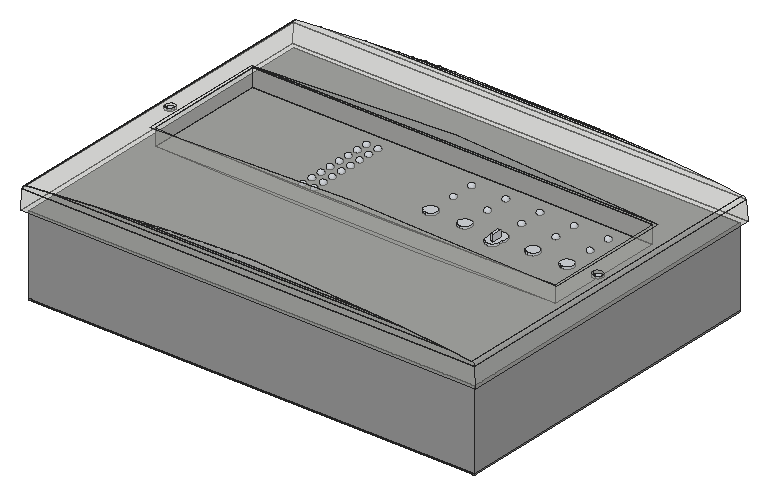
Revit family "Maxlogic Contrôle Panneaux d'Alarme Incendie Conventionnelle grande caisse", category Fire Alarm Devices, host Face, Revit 2021
Family settings
  Host = Face
  Maintain Annotation Orientation = Yes
  Round Connector Dimension = Use Diameter
  Part Type = Normal
  OmniClass Number = 23.85.30.21
  OmniClass Title = Environmental Detection/Registration
  Cut with Voids When Loaded = No
  Shared = No
  Room Calculation Point = No
Parameters (values of type "Maxlogic Panneau Contrôle d'Incendie Conventionnelle, 8 Zone")
  Poids = "~ 4,275 - 4,4 kg (sans batterie)"
  Boîtier de montage en surface étanche = ""
  Unité de durée de garantie = "Ans"
  Durée de la garantie réservé = "2"
  Durée de la garantie Travail = "2"
  Version = ""
  URL = "https://www.mavili.com.tr/"
  Socle montage de Surlévé = ""
  Numéro de pose des travaux publics = "833-212"
  protection de Classe = ""
  Code de Produit = "ML-22108"
  Numèro de Téléphone = "(+)90 216 466 45 05"
  Voltage de fonctionnement (default) = ""
  voltage fonction d'opération = ""
  Tempèrature de Fonctionnement = "(-5°C) - (+50°C)"
  Largeur Nominale = "100 mm"
  Longeur Nominale = "400 mm"
  Hauteur Nominale = "300 mm"
  Surface de Montage = "Montage à Mur"
  Hauteur de Montage = ""
  Model = "Maxlogic"
  Manufacturer = "Mavili Elektronik Ticaret A.Ş."
  LED 8 = no
  LED 4 = yes
  LED 2 = yes
  Manuel d'installation = "https://mavilielektronik.com/Revit/ML221XX_enkk.pdf"
  Sortie d'indicateur = ""
  Numèro de Fax = "(+)90 216 466 45 10"
  Alimentation d'externe = "220 V AC"
  E-Poste = "mavili@mavili.com.tr"
  Avertissement = ""
  Charger adresse d'appareil = ""
  Description = "Panneau Contrôle d'Incendie Conventionnelle, 8 Zone"
  Default Elevation = 0 mm
  Current de Consommation = ""
  Coût Unité = ""
  Cost = 0
  Socles Compatible = ""
  Couleur = "Blanc"
  Code de  Performance = "EN 54-2 / EN 54-4"
  Matériel Principe = "Mètale Grise"
  Deuxime Matèriel = "Plastique Blanche ABS"
  Batterie = "2 X (12V DC 7 Ah )"
  Assembly Code = ""
  Adresse ligne 1 = "Şerifali Mahallesi Kutup Sokak No:27/1-2-4 Ümraniye TR-34775 İSTANBUL"
Types (5, lengths in mm): name | Numéro de pose des travaux publics | Code de Produit | LED 8 | LED 4 | LED 2 | Description
  (no name) | "833-212" | "ML-22108" | no | yes | yes | "Panneau Contrôle d'Incendie Conventionnelle, 8 Zone"
  Maxlogic Panneau Contrôle d'Incendie Conventionnelle, 16 Zone | "833-214" | "ML-22116" | yes | yes | yes | "Panneau Contrôle d'Incendie Conventionnelle, 16 zone"
  Maxlogic Panneau Contrôle d'Incendie Conventionnelle, 8 Zone | "833-212" | "ML-22108" | no | yes | yes | "Panneau Contrôle d'Incendie Conventionnelle, 8 Zone"
  Maxlogic Panneau Contrôle d'Incendie Conventionnelle, 4 Zone | "833-211" | "ML-22104" | no | no | yes | "Panneau Contrôle d'Incendie Conventionnelle , 4 Zone"
  Maxlogic Panneau Contrôle d'Incendie Conventionnelle, 2 Zone | "" | "ML-22102" | no | no | no | "Panneau Contrôle d'Incendie Conventionnelle, 2 Zone"
Reference planes
  plane 1 "Center (Front/Back)": y = 0
  plane 2: z = 0
  plane 3 "Center (Left/Right)": x = 0
Forms (mm)
  Extrusion 1, solid, material "mavili arka kasa"
    sketch origin (-210, -150, 148.173) x (1, 0, 0) y (0, 0, -1)
      loop
        line (42.905, 77.3) -> (434.905, 77.3) -> (434.905, 146.904)
        arc (434.905, 146.904) -> (434.545, 147.715) -> (433.785, 148.173) r 1.476
        line (433.785, 148.173) -> (44.505, 148.173)
        arc (44.505, 148.173) -> (43.374, 147.704) -> (42.905, 146.573) r 1.6
        line (42.905, 146.573) -> (42.905, 77.3)
    from 0 to 300
  Extrusion 2, solid, material "Mavili beyaz"
    sketch origin (-210, -150, 148.173) x (1, 0, 0) y (0, 0, -1)
      loop
        line (38.905, 77.3) -> (39.824, 59.769)
        arc (39.824, 59.769) -> (40.651, 57.854) -> (42.526, 56.941) r 3
        arc (42.526, 56.941) -> (238.905, 47.3) -> (435.284, 56.941) r 2005
        arc (435.284, 56.941) -> (437.16, 57.854) -> (437.987, 59.769) r 3
        line (437.987, 59.769) -> (438.905, 77.3) -> (38.905, 77.3)
    from 0 to 300
  Extrusion 3, void
    sketch origin (-167.095, -150, 70.872) x (0, 0, 1) y (0, -1, 0)
      loop
        arc (-69.27, -296) -> (-70.403, -295.532) -> (-70.872, -294.4) r 1.6
        line (-70.872, -294.4) -> (-70.872, -300) -> (0, -300) -> (0, -296) -> (-69.27, -296)
    from 0 to 392
  Extrusion 4, void
    sketch origin (-167.095, 150, 70.872) x (0, 0, 1) y (0, -1, 0)
      loop
        line (-69.27, 296) -> (0, 296) -> (0, 300) -> (-70.872, 300) -> (-70.872, 294.4)
        arc (-70.872, 294.4) -> (-70.403, 295.532) -> (-69.27, 296) r 1.6
    from 0 to 392
  Extrusion 5, void
    sketch origin (-210, -150, 148.173) x (0, 0, -1) y (0, 1, 0)
      loop
        line (55.289, 116.326) -> (55.289, 228.158) -> (47.3, 228.297) -> (47.3, 111.721) -> (55.289, 116.326)
    from 0 to 497.127
  Extrusion 6, void
    sketch origin (-210, -150, 148.173) x (0, 0, -1) y (0, 1, 0)
      loop
        arc (47.3, 295.581) -> (48.124, 297.646) -> (50.143, 298.577) r 3
        line (50.143, 298.577) -> (51.913, 298.669) -> (55.057, 298.834) -> (59.769, 299.081) -> (77.3, 300) -> (50, 300) -> (47.3, 300) -> (47.3, 295.581)
    from 0 to 493.151
  Extrusion 7, void
    sketch origin (-210, 150, 148.173) x (0, 0, -1) y (0, 1, 0)
      loop
        line (47.3, -295.581) -> (47.3, -300) -> (50, -300) -> (77.3, -300) -> (59.769, -299.081) -> (55.057, -298.834) -> (51.913, -298.669) -> (50.143, -298.577)
        arc (50.143, -298.577) -> (48.124, -297.646) -> (47.3, -295.581) r 3
    from 0 to 493.151
  Extrusion 8, void
    sketch origin (-167.095, 146, 25.472) x (0, 0, -1) y (1, 0, 0)
      loop
        line (-13.523, 66.9) -> (-13.523, 68.054)
        arc (-13.523, 68.054) -> (-15, 68.144) -> (-16.477, 68.054) r 12.144
        line (-16.477, 68.054) -> (-16.477, 66.9)
        arc (-16.477, 66.9) -> (-26, 56.025) -> (-16.527, 45.106) r 11
        line (-16.527, 45.106) -> (-16.527, 43.952)
        arc (-16.527, 43.952) -> (-15, 43.856) -> (-13.473, 43.952) r 12.144
        line (-13.473, 43.952) -> (-13.473, 45.106)
        arc (-13.473, 45.106) -> (-4, 56.025) -> (-13.523, 66.9) r 11
    from 0 to 1
  Extrusion 9, void
    sketch origin (-127.095, 146, 25.472) x (0, 0, -1) y (1, 0, 0)
      loop
        line (-13.523, 66.9) -> (-13.523, 68.054)
        arc (-13.523, 68.054) -> (-15, 68.144) -> (-16.477, 68.054) r 12.144
        line (-16.477, 68.054) -> (-16.477, 66.9)
        arc (-16.477, 66.9) -> (-26, 56.025) -> (-16.527, 45.106) r 11
        line (-16.527, 45.106) -> (-16.527, 43.952)
        arc (-16.527, 43.952) -> (-15, 43.856) -> (-13.473, 43.952) r 12.144
        line (-13.473, 43.952) -> (-13.473, 45.106)
        arc (-13.473, 45.106) -> (-4, 56.025) -> (-13.523, 66.9) r 11
    from 0 to 1
  Extrusion 10, void
    sketch origin (-87.095, 146, 25.472) x (0, 0, -1) y (1, 0, 0)
      loop
        line (-13.523, 66.9) -> (-13.523, 68.054)
        arc (-13.523, 68.054) -> (-15, 68.144) -> (-16.477, 68.054) r 12.144
        line (-16.477, 68.054) -> (-16.477, 66.9)
        arc (-16.477, 66.9) -> (-26, 56.025) -> (-16.527, 45.106) r 11
        line (-16.527, 45.106) -> (-16.527, 43.952)
        arc (-16.527, 43.952) -> (-15, 43.856) -> (-13.473, 43.952) r 12.144
        line (-13.473, 43.952) -> (-13.473, 45.106)
        arc (-13.473, 45.106) -> (-4, 56.025) -> (-13.523, 66.9) r 11
    from 0 to 1
  Extrusion 11, void
    sketch origin (-47.095, 146, 25.472) x (0, 0, -1) y (1, 0, 0)
      loop
        line (-13.523, 66.9) -> (-13.523, 68.054)
        arc (-13.523, 68.054) -> (-15, 68.144) -> (-16.477, 68.054) r 12.144
        line (-16.477, 68.054) -> (-16.477, 66.9)
        arc (-16.477, 66.9) -> (-26, 56.025) -> (-16.527, 45.106) r 11
        line (-16.527, 45.106) -> (-16.527, 43.952)
        arc (-16.527, 43.952) -> (-15, 43.856) -> (-13.473, 43.952) r 12.144
        line (-13.473, 43.952) -> (-13.473, 45.106)
        arc (-13.473, 45.106) -> (-4, 56.025) -> (-13.523, 66.9) r 11
    from 0 to 1
  Extrusion 12, void
    sketch origin (-7.095, 146, 25.472) x (0, 0, -1) y (1, 0, 0)
      loop
        line (-13.523, 66.9) -> (-13.523, 68.054)
        arc (-13.523, 68.054) -> (-15, 68.144) -> (-16.477, 68.054) r 12.144
        line (-16.477, 68.054) -> (-16.477, 66.9)
        arc (-16.477, 66.9) -> (-26, 56.025) -> (-16.527, 45.106) r 11
        line (-16.527, 45.106) -> (-16.527, 43.952)
        arc (-16.527, 43.952) -> (-15, 43.856) -> (-13.473, 43.952) r 12.144
        line (-13.473, 43.952) -> (-13.473, 45.106)
        arc (-13.473, 45.106) -> (-4, 56.025) -> (-13.523, 66.9) r 11
    from 0 to 1
  Extrusion 13, void
    sketch origin (32.905, 146, 25.472) x (0, 0, -1) y (1, 0, 0)
      loop
        line (-13.523, 66.9) -> (-13.523, 68.054)
        arc (-13.523, 68.054) -> (-15, 68.144) -> (-16.477, 68.054) r 12.144
        line (-16.477, 68.054) -> (-16.477, 66.9)
        arc (-16.477, 66.9) -> (-26, 56.025) -> (-16.527, 45.106) r 11
        line (-16.527, 45.106) -> (-16.527, 43.952)
        arc (-16.527, 43.952) -> (-15, 43.856) -> (-13.473, 43.952) r 12.144
        line (-13.473, 43.952) -> (-13.473, 45.106)
        arc (-13.473, 45.106) -> (-4, 56.025) -> (-13.523, 66.9) r 11
    from 0 to 1
  Extrusion 14, void
    sketch origin (72.905, 146, 25.472) x (0, 0, -1) y (1, 0, 0)
      loop
        line (-13.523, 66.9) -> (-13.523, 68.054)
        arc (-13.523, 68.054) -> (-15, 68.144) -> (-16.477, 68.054) r 12.144
        line (-16.477, 68.054) -> (-16.477, 66.9)
        arc (-16.477, 66.9) -> (-26, 56.025) -> (-16.527, 45.106) r 11
        line (-16.527, 45.106) -> (-16.527, 43.952)
        arc (-16.527, 43.952) -> (-15, 43.856) -> (-13.473, 43.952) r 12.144
        line (-13.473, 43.952) -> (-13.473, 45.106)
        arc (-13.473, 45.106) -> (-4, 56.025) -> (-13.523, 66.9) r 11
    from 0 to 1
  Extrusion 15, void
    sketch origin (112.905, 146, 25.472) x (0, 0, -1) y (1, 0, 0)
      loop
        line (-13.523, 66.9) -> (-13.523, 68.054)
        arc (-13.523, 68.054) -> (-15, 68.144) -> (-16.477, 68.054) r 12.144
        line (-16.477, 68.054) -> (-16.477, 66.9)
        arc (-16.477, 66.9) -> (-26, 56.025) -> (-16.527, 45.106) r 11
        line (-16.527, 45.106) -> (-16.527, 43.952)
        arc (-16.527, 43.952) -> (-15, 43.856) -> (-13.473, 43.952) r 12.144
        line (-13.473, 43.952) -> (-13.473, 45.106)
        arc (-13.473, 45.106) -> (-4, 56.025) -> (-13.523, 66.9) r 11
    from 0 to 1
  Extrusion 16, void
    sketch origin (-210, -33.417, 92.884) x (-1, 0, 0) y (0, 1, 0)
      loop
        line (-62.836, 2.214) -> (-62.836, 108.579)
        spline (-62.836, 108.579) -> (-92.123, 108.62) -> (-121.442, 108.654) -> (-150.785, 108.681) -> (-180.148, 108.699) -> (-209.524, 108.711) -> (-238.905, 108.714) -> (-268.287, 108.711) -> (-297.662, 108.699) -> (-327.025, 108.681) -> (-356.369, 108.654) -> (-385.687, 108.62) -> (-414.974, 108.579)
        line (-414.974, 108.579) -> (-414.974, 2.214)
        spline (-414.974, 2.214) -> (-385.687, 0.847) -> (-356.369, -0.273) -> (-327.025, -1.144) -> (-297.662, -1.766) -> (-268.287, -2.14) -> (-238.905, -2.264) -> (-209.524, -2.14) -> (-180.148, -1.766) -> (-150.785, -1.144) -> (-121.442, -0.273) -> (-92.123, 0.847) -> (-62.836, 2.214)
    from 0 to 15
  Extrusion 17, void
    sketch origin (-210, -33.417, 92.884) x (-1, 0, 0) y (0, 1, 0)
      loop
        circle (-50.905, 33.417) r 4.25
    from 0 to 3
  Extrusion 18, solid
    sketch origin (-210, -33.442, 89.884) x (0, 1, 0) y (-1, 0, 0)
      loop
        line (35.753, -50.862) -> (34.597, -48.861) -> (32.286, -48.861) -> (31.13, -50.862) -> (32.286, -52.864) -> (34.597, -52.864) -> (35.753, -50.862)
    from 0 to 1
  Extrusion 19, void
    sketch origin (267.811, -33.417, 92.884) x (-1, 0, 0) y (0, 1, 0)
      loop
        circle (50.905, 33.417) r 4.25
    from 0 to 3
  Extrusion 20, solid
    sketch origin (267.811, -33.442, 89.884) x (0, 1, 0) y (-1, 0, 0)
      loop
        line (35.753, 50.862) -> (34.597, 52.864) -> (32.286, 52.864) -> (31.13, 50.862) -> (32.286, 48.861) -> (34.597, 48.861) -> (35.753, 50.862)
    from 0 to 1
  Revolve 21, solid, visible <- "LED 8"
    sketch origin (-210, -33.417, 77.884) x (0, 1, 0) y (-1, 0, 0)
      loop
        line (96.899, -86.908) -> (91.899, -86.908)
        arc (91.899, -86.908) -> (94.399, -89.408) -> (96.899, -86.908) r 2.5
      axis (96.899, -86.908) -> (91.899, -86.908)
    angle from 0 to -180
  Revolve 22, solid, visible <- "LED 8"
    sketch origin (-200, -33.417, 77.884) x (0, 1, 0) y (-1, 0, 0)
      loop
        line (96.899, -86.908) -> (91.899, -86.908)
        arc (91.899, -86.908) -> (94.399, -89.408) -> (96.899, -86.908) r 2.5
      axis (96.899, -86.908) -> (91.899, -86.908)
    angle from 0 to -180
  Revolve 23, solid, visible <- "LED 8"
    sketch origin (-210, -43.417, 77.884) x (0, 1, 0) y (-1, 0, 0)
      loop
        line (96.899, -86.908) -> (91.899, -86.908)
        arc (91.899, -86.908) -> (94.399, -89.408) -> (96.899, -86.908) r 2.5
      axis (96.899, -86.908) -> (91.899, -86.908)
    angle from 0 to -180
  Revolve 24, solid, visible <- "LED 8"
    sketch origin (-200, -43.417, 77.884) x (0, 1, 0) y (-1, 0, 0)
      loop
        line (96.899, -86.908) -> (91.899, -86.908)
        arc (91.899, -86.908) -> (94.399, -89.408) -> (96.899, -86.908) r 2.5
      axis (96.899, -86.908) -> (91.899, -86.908)
    angle from 0 to -180
  Revolve 25, solid, visible <- "LED 8"
    sketch origin (-210, -53.417, 77.884) x (0, 1, 0) y (-1, 0, 0)
      loop
        line (96.899, -86.908) -> (91.899, -86.908)
        arc (91.899, -86.908) -> (94.399, -89.408) -> (96.899, -86.908) r 2.5
      axis (96.899, -86.908) -> (91.899, -86.908)
    angle from 0 to -180
  Revolve 26, solid, visible <- "LED 8"
    sketch origin (-200, -53.417, 77.884) x (0, 1, 0) y (-1, 0, 0)
      loop
        line (96.899, -86.908) -> (91.899, -86.908)
        arc (91.899, -86.908) -> (94.399, -89.408) -> (96.899, -86.908) r 2.5
      axis (96.899, -86.908) -> (91.899, -86.908)
    angle from 0 to -180
  Revolve 27, solid, visible <- "LED 8"
    sketch origin (-210, -63.417, 77.884) x (0, 1, 0) y (-1, 0, 0)
      loop
        line (96.899, -86.908) -> (91.899, -86.908)
        arc (91.899, -86.908) -> (94.399, -89.408) -> (96.899, -86.908) r 2.5
      axis (96.899, -86.908) -> (91.899, -86.908)
    angle from 0 to -180
  Revolve 28, solid, visible <- "LED 8"
    sketch origin (-200, -63.417, 77.884) x (0, 1, 0) y (-1, 0, 0)
      loop
        line (96.899, -86.908) -> (91.899, -86.908)
        arc (91.899, -86.908) -> (94.399, -89.408) -> (96.899, -86.908) r 2.5
      axis (96.899, -86.908) -> (91.899, -86.908)
    angle from 0 to -180
  Revolve 29, solid, visible <- "LED 8"
    sketch origin (-210, -73.417, 77.884) x (0, 1, 0) y (-1, 0, 0)
      loop
        line (96.899, -86.908) -> (91.899, -86.908)
        arc (91.899, -86.908) -> (94.399, -89.408) -> (96.899, -86.908) r 2.5
      axis (96.899, -86.908) -> (91.899, -86.908)
    angle from 0 to -180
  Revolve 30, solid, visible <- "LED 8"
    sketch origin (-200, -73.417, 77.884) x (0, 1, 0) y (-1, 0, 0)
      loop
        line (96.899, -86.908) -> (91.899, -86.908)
        arc (91.899, -86.908) -> (94.399, -89.408) -> (96.899, -86.908) r 2.5
      axis (96.899, -86.908) -> (91.899, -86.908)
    angle from 0 to -180
  Revolve 31, solid, visible <- "LED 8"
    sketch origin (-210, -83.417, 77.884) x (0, 1, 0) y (-1, 0, 0)
      loop
        line (96.899, -86.908) -> (91.899, -86.908)
        arc (91.899, -86.908) -> (94.399, -89.408) -> (96.899, -86.908) r 2.5
      axis (96.899, -86.908) -> (91.899, -86.908)
    angle from 0 to -180
  Revolve 32, solid, visible <- "LED 8"
    sketch origin (-200, -83.417, 77.884) x (0, 1, 0) y (-1, 0, 0)
      loop
        line (96.899, -86.908) -> (91.899, -86.908)
        arc (91.899, -86.908) -> (94.399, -89.408) -> (96.899, -86.908) r 2.5
      axis (96.899, -86.908) -> (91.899, -86.908)
    angle from 0 to -180
  Revolve 33, solid, visible <- "LED 8"
    sketch origin (-210, -93.417, 77.884) x (0, 1, 0) y (-1, 0, 0)
      loop
        line (96.899, -86.908) -> (91.899, -86.908)
        arc (91.899, -86.908) -> (94.399, -89.408) -> (96.899, -86.908) r 2.5
      axis (96.899, -86.908) -> (91.899, -86.908)
    angle from 0 to -180
  Revolve 34, solid, visible <- "LED 8"
    sketch origin (-200, -93.417, 77.884) x (0, 1, 0) y (-1, 0, 0)
      loop
        line (96.899, -86.908) -> (91.899, -86.908)
        arc (91.899, -86.908) -> (94.399, -89.408) -> (96.899, -86.908) r 2.5
      axis (96.899, -86.908) -> (91.899, -86.908)
    angle from 0 to -180
  Revolve 35, solid, visible <- "LED 8"
    sketch origin (-210, -103.417, 77.884) x (0, 1, 0) y (-1, 0, 0)
      loop
        line (96.899, -86.908) -> (91.899, -86.908)
        arc (91.899, -86.908) -> (94.399, -89.408) -> (96.899, -86.908) r 2.5
      axis (96.899, -86.908) -> (91.899, -86.908)
    angle from 0 to -180
  Revolve 36, solid, visible <- "LED 8"
    sketch origin (-200, -103.417, 77.884) x (0, 1, 0) y (-1, 0, 0)
      loop
        line (96.899, -86.908) -> (91.899, -86.908)
        arc (91.899, -86.908) -> (94.399, -89.408) -> (96.899, -86.908) r 2.5
      axis (96.899, -86.908) -> (91.899, -86.908)
    angle from 0 to -180
  Revolve 37, solid
    sketch origin (-122.5, -33.417, 77.884) x (0, 1, 0) y (-1, 0, 0)
      loop
        line (96.899, -86.908) -> (91.899, -86.908)
        arc (91.899, -86.908) -> (94.399, -89.408) -> (96.899, -86.908) r 2.5
      axis (96.899, -86.908) -> (91.899, -86.908)
    angle from 0 to -180
  Revolve 38, solid
    sketch origin (-112.5, -33.417, 77.884) x (0, 1, 0) y (-1, 0, 0)
      loop
        line (96.899, -86.908) -> (91.899, -86.908)
        arc (91.899, -86.908) -> (94.399, -89.408) -> (96.899, -86.908) r 2.5
      axis (96.899, -86.908) -> (91.899, -86.908)
    angle from 0 to -180
  Revolve 39, solid
    sketch origin (-122.5, -43.417, 77.884) x (0, 1, 0) y (-1, 0, 0)
      loop
        line (96.899, -86.908) -> (91.899, -86.908)
        arc (91.899, -86.908) -> (94.399, -89.408) -> (96.899, -86.908) r 2.5
      axis (96.899, -86.908) -> (91.899, -86.908)
    angle from 0 to -180
  Revolve 40, solid
    sketch origin (-112.5, -43.417, 77.884) x (0, 1, 0) y (-1, 0, 0)
      loop
        line (96.899, -86.908) -> (91.899, -86.908)
        arc (91.899, -86.908) -> (94.399, -89.408) -> (96.899, -86.908) r 2.5
      axis (96.899, -86.908) -> (91.899, -86.908)
    angle from 0 to -180
  Revolve 41, solid, visible <- "LED 2"
    sketch origin (-122.5, -53.417, 77.884) x (0, 1, 0) y (-1, 0, 0)
      loop
        line (96.899, -86.908) -> (91.899, -86.908)
        arc (91.899, -86.908) -> (94.399, -89.408) -> (96.899, -86.908) r 2.5
      axis (96.899, -86.908) -> (91.899, -86.908)
    angle from 0 to -180
  Revolve 42, solid, visible <- "LED 2"
    sketch origin (-112.5, -53.417, 77.884) x (0, 1, 0) y (-1, 0, 0)
      loop
        line (96.899, -86.908) -> (91.899, -86.908)
        arc (91.899, -86.908) -> (94.399, -89.408) -> (96.899, -86.908) r 2.5
      axis (96.899, -86.908) -> (91.899, -86.908)
    angle from 0 to -180
  Revolve 43, solid, visible <- "LED 2"
    sketch origin (-122.5, -63.417, 77.884) x (0, 1, 0) y (-1, 0, 0)
      loop
        line (96.899, -86.908) -> (91.899, -86.908)
        arc (91.899, -86.908) -> (94.399, -89.408) -> (96.899, -86.908) r 2.5
      axis (96.899, -86.908) -> (91.899, -86.908)
    angle from 0 to -180
  Revolve 44, solid, visible <- "LED 2"
    sketch origin (-112.5, -63.417, 77.884) x (0, 1, 0) y (-1, 0, 0)
      loop
        line (96.899, -86.908) -> (91.899, -86.908)
        arc (91.899, -86.908) -> (94.399, -89.408) -> (96.899, -86.908) r 2.5
      axis (96.899, -86.908) -> (91.899, -86.908)
    angle from 0 to -180
  Revolve 45, solid, visible <- "LED 4"
    sketch origin (-122.5, -73.417, 77.884) x (0, 1, 0) y (-1, 0, 0)
      loop
        line (96.899, -86.908) -> (91.899, -86.908)
        arc (91.899, -86.908) -> (94.399, -89.408) -> (96.899, -86.908) r 2.5
      axis (96.899, -86.908) -> (91.899, -86.908)
    angle from 0 to -180
  Revolve 46, solid, visible <- "LED 4"
    sketch origin (-112.5, -73.417, 77.884) x (0, 1, 0) y (-1, 0, 0)
      loop
        line (96.899, -86.908) -> (91.899, -86.908)
        arc (91.899, -86.908) -> (94.399, -89.408) -> (96.899, -86.908) r 2.5
      axis (96.899, -86.908) -> (91.899, -86.908)
    angle from 0 to -180
  Revolve 47, solid, visible <- "LED 4"
    sketch origin (-122.5, -83.417, 77.884) x (0, 1, 0) y (-1, 0, 0)
      loop
        line (96.899, -86.908) -> (91.899, -86.908)
        arc (91.899, -86.908) -> (94.399, -89.408) -> (96.899, -86.908) r 2.5
      axis (96.899, -86.908) -> (91.899, -86.908)
    angle from 0 to -180
  Revolve 48, solid, visible <- "LED 4"
    sketch origin (-112.5, -83.417, 77.884) x (0, 1, 0) y (-1, 0, 0)
      loop
        line (96.899, -86.908) -> (91.899, -86.908)
        arc (91.899, -86.908) -> (94.399, -89.408) -> (96.899, -86.908) r 2.5
      axis (96.899, -86.908) -> (91.899, -86.908)
    angle from 0 to -180
  Revolve 49, solid, visible <- "LED 4"
    sketch origin (-122.5, -93.417, 77.884) x (0, 1, 0) y (-1, 0, 0)
      loop
        line (96.899, -86.908) -> (91.899, -86.908)
        arc (91.899, -86.908) -> (94.399, -89.408) -> (96.899, -86.908) r 2.5
      axis (96.899, -86.908) -> (91.899, -86.908)
    angle from 0 to -180
  Revolve 50, solid, visible <- "LED 4"
    sketch origin (-112.5, -93.417, 77.884) x (0, 1, 0) y (-1, 0, 0)
      loop
        line (96.899, -86.908) -> (91.899, -86.908)
        arc (91.899, -86.908) -> (94.399, -89.408) -> (96.899, -86.908) r 2.5
      axis (96.899, -86.908) -> (91.899, -86.908)
    angle from 0 to -180
  Revolve 51, solid, visible <- "LED 4"
    sketch origin (-122.5, -103.417, 77.884) x (0, 1, 0) y (-1, 0, 0)
      loop
        line (96.899, -86.908) -> (91.899, -86.908)
        arc (91.899, -86.908) -> (94.399, -89.408) -> (96.899, -86.908) r 2.5
      axis (96.899, -86.908) -> (91.899, -86.908)
    angle from 0 to -180
  Revolve 52, solid, visible <- "LED 4"
    sketch origin (-112.5, -103.417, 77.884) x (0, 1, 0) y (-1, 0, 0)
      loop
        line (96.899, -86.908) -> (91.899, -86.908)
        arc (91.899, -86.908) -> (94.399, -89.408) -> (96.899, -86.908) r 2.5
      axis (96.899, -86.908) -> (91.899, -86.908)
    angle from 0 to -180
  Revolve 53, solid
    sketch origin (-30, -33.417, 77.884) x (0, 1, 0) y (-1, 0, 0)
      loop
        line (96.899, -86.908) -> (91.899, -86.908)
        arc (91.899, -86.908) -> (94.399, -89.408) -> (96.899, -86.908) r 2.5
      axis (96.899, -86.908) -> (91.899, -86.908)
    angle from 0 to -180
  Revolve 54, solid
    sketch origin (0, -33.417, 77.884) x (0, 1, 0) y (-1, 0, 0)
      loop
        line (96.899, -86.908) -> (91.899, -86.908)
        arc (91.899, -86.908) -> (94.399, -89.408) -> (96.899, -86.908) r 2.5
      axis (96.899, -86.908) -> (91.899, -86.908)
    angle from 0 to -180
  Revolve 55, solid
    sketch origin (30, -33.417, 77.884) x (0, 1, 0) y (-1, 0, 0)
      loop
        line (96.899, -86.908) -> (91.899, -86.908)
        arc (91.899, -86.908) -> (94.399, -89.408) -> (96.899, -86.908) r 2.5
      axis (96.899, -86.908) -> (91.899, -86.908)
    angle from 0 to -180
  Revolve 56, solid
    sketch origin (60, -33.417, 77.884) x (0, 1, 0) y (-1, 0, 0)
      loop
        line (96.899, -86.908) -> (91.899, -86.908)
        arc (91.899, -86.908) -> (94.399, -89.408) -> (96.899, -86.908) r 2.5
      axis (96.899, -86.908) -> (91.899, -86.908)
    angle from 0 to -180
  Revolve 57, solid
    sketch origin (90, -33.417, 77.884) x (0, 1, 0) y (-1, 0, 0)
      loop
        line (96.899, -86.908) -> (91.899, -86.908)
        arc (91.899, -86.908) -> (94.399, -89.408) -> (96.899, -86.908) r 2.5
      axis (96.899, -86.908) -> (91.899, -86.908)
    angle from 0 to -180
  Revolve 58, solid
    sketch origin (-30, -53.417, 77.884) x (0, 1, 0) y (-1, 0, 0)
      loop
        line (96.899, -86.908) -> (91.899, -86.908)
        arc (91.899, -86.908) -> (94.399, -89.408) -> (96.899, -86.908) r 2.5
      axis (96.899, -86.908) -> (91.899, -86.908)
    angle from 0 to -180
  Revolve 59, solid
    sketch origin (0, -53.417, 77.884) x (0, 1, 0) y (-1, 0, 0)
      loop
        line (96.899, -86.908) -> (91.899, -86.908)
        arc (91.899, -86.908) -> (94.399, -89.408) -> (96.899, -86.908) r 2.5
      axis (96.899, -86.908) -> (91.899, -86.908)
    angle from 0 to -180
  Revolve 60, solid
    sketch origin (30, -53.417, 77.884) x (0, 1, 0) y (-1, 0, 0)
      loop
        line (96.899, -86.908) -> (91.899, -86.908)
        arc (91.899, -86.908) -> (94.399, -89.408) -> (96.899, -86.908) r 2.5
      axis (96.899, -86.908) -> (91.899, -86.908)
    angle from 0 to -180
  Revolve 61, solid
    sketch origin (60, -53.417, 77.884) x (0, 1, 0) y (-1, 0, 0)
      loop
        line (96.899, -86.908) -> (91.899, -86.908)
        arc (91.899, -86.908) -> (94.399, -89.408) -> (96.899, -86.908) r 2.5
      axis (96.899, -86.908) -> (91.899, -86.908)
    angle from 0 to -180
  Revolve 62, solid
    sketch origin (90, -53.417, 77.884) x (0, 1, 0) y (-1, 0, 0)
      loop
        line (96.899, -86.908) -> (91.899, -86.908)
        arc (91.899, -86.908) -> (94.399, -89.408) -> (96.899, -86.908) r 2.5
      axis (96.899, -86.908) -> (91.899, -86.908)
    angle from 0 to -180
  Extrusion 63, solid
    sketch origin (-180, -33.417, 77.884) x (0, 1, 0) y (-1, 0, 0)
      loop
        circle (49.399, -266.908) r 5.5
    from 0 to 1.362
  Extrusion 64, solid
    sketch origin (-210, -33.417, 77.884) x (0, 1, 0) y (-1, 0, 0)
      loop
        circle (49.399, -266.908) r 5.5
    from 0 to 1.362
  Extrusion 65, solid
    sketch origin (-120, -33.417, 77.884) x (0, 1, 0) y (-1, 0, 0)
      loop
        circle (49.399, -266.908) r 5.5
    from 0 to 1.362
  Extrusion 66, solid
    sketch origin (-90, -33.417, 77.884) x (0, 1, 0) y (-1, 0, 0)
      loop
        circle (49.399, -266.908) r 5.5
    from 0 to 1.362
  Extrusion 67, solid
    sketch origin (-210, -33.417, 77.884) x (0, 1, 0) y (-1, 0, 0)
      loop
        arc (45.863, -332.658) -> (56.149, -326.908) -> (45.863, -321.158) r 6.75
        line (45.863, -321.158) -> (42.399, -321.158)
        arc (42.399, -321.158) -> (36.649, -326.908) -> (42.399, -332.658) r 5.75
        line (42.399, -332.658) -> (45.863, -332.658)
    from 0 to 1.362
  Extrusion 68, solid
    sketch origin (-210, -33.417, 77.884) x (0, 1, 0) y (-1, 0, 0)
      loop
        line (49.876, -326.908) -> (49.876, -325.89) -> (41.691, -325.89) -> (41.691, -326.908) -> (41.691, -327.927) -> (49.876, -327.927) -> (49.876, -326.908)
    from 0 to 6.687
Cuts and joins
  Extrusion 3, Extrusion 4, Extrusion 8, Extrusion 9, Extrusion 10, Extrusion 11, Extrusion 12, Extrusion 13, Extrusion 14, Extrusion 15 cuts Extrusion 1
  Extrusion 3, Extrusion 4, Extrusion 5, Extrusion 6, Extrusion 7, Extrusion 16, Extrusion 17, Extrusion 19 cuts Extrusion 2
  Extrusion 19 cuts Extrusion 18
Dimensions and locks
  aligned and locked: plane 2 to host face
  aligned and locked: level to host face
Connectors
  electrical at (29.145, 0, 0)
    settings: on cut or joined group of Extrusion 1, Extrusion 3, Extrusion 4, Extrusion 8, Extrusion 9, Extrusion 10, Extrusion 11, Extrusion 12, Extrusion 13, Extrusion 14, Extrusion 15, index 1, voltage 0 V, apparent load 0 VA, apparent load phase1 0 VA, apparent load phase2 0 VA, apparent load phase3 0 VA, power factor 1, load classification "Other", number of poles 1, system type 31, power factor state 1, is connector primary yes, connector utility no, sub classification motor no, connector description ""
